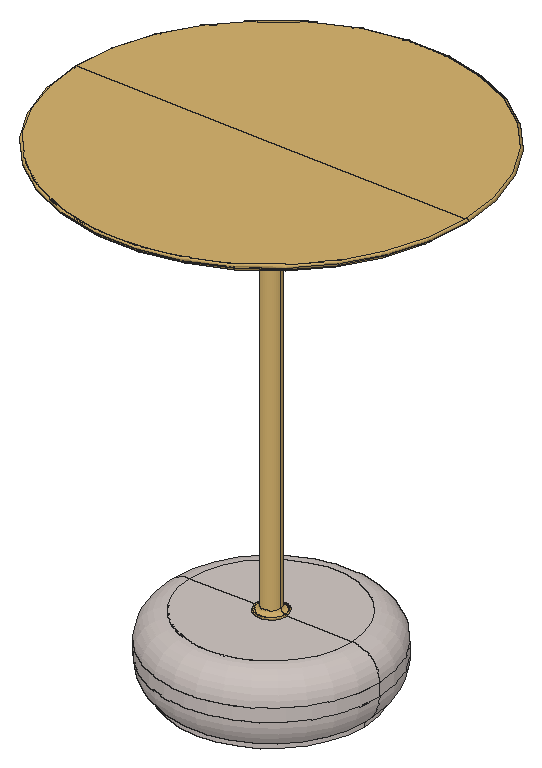
Revit family "DBLTD_TheSenatorGroup_OfficeTables_Batan_CompactPlinth_US", category Furniture, Revit 2021
Family settings
  OmniClass Number = 23.40.20.00
  OmniClass Title = General Furniture and Specialties
  Work Plane-Based = No
  Always vertical = Yes
  Cut with Voids When Loaded = No
  Shared = Yes
  Room Calculation Point = No
Parameters (values of type "Tall Brass 15.75” Dia")
  WorksurfaceArea = NominalWidth * NominalDepth  # 0.16 m²
  WarrantyStartDate [instance] = " "
  WarrantyGuarantorParts = "https://www.thesenatorgroup.com/"
  WarrantyGuarantorLabor = "https://www.thesenatorgroup.com/"
  WarrantyDurationUnit = "years"
  WarrantyDurationParts = "5"
  WarrantyDurationLabor = "5"
  WarrantyDescription = "Allermuir warrants that its manufactured products are free from manufacturing defects - in materials or workmanship - for a period of five (5) years.\r\nAllermuir will repair, or replace (at Allermuir’s sole discretion) with comparable free of charge materials/ components, any product/ component which fails under normal use in a single shift environment, as a result of a defect in the materials and/or workmanship.\r\n\r\nExceptions -\r\nNon-standard product - 2 years\r\nScreen-mounted Accessories/ Dry-wipe Boards - 2 years\r\nElectrical and/or electronic componentry - 2 years\r\n\r\nExclusions - Allermuir does not warrant:\r\nFailure due to normal “Wear and Tear”.\r\nNatural variations in appearance of wood - its grain, figure and colour.\r\nChanges in surface appearance resulting from exposure to light, and the natural ageing process of wood.\r\nChanges in surface appearance resulting from the misuse of cleaning materials and methods/ damage form sharp objects/ imprinting from writing implements.\r\nNatural variations in Leather - its marks, scars and wrinkles.\r\nProduct stored/ exposed to extreme operational conditions.\r\nConsumable components such as Fuses/ Lights/ lamps/ transformers/etc.\r\nOther Manufacturer’s product supplied by Allermuir (their own warranty shall apply where possible).\r\nNon-standard fabrics/ finishes or veneers used. Allermuir only checks the manufacturing quality of Customer’s\r\nOwn Material (COM) and provides no warranty for the finish/ fabric itself.\r\nProduct which has not been installed/ moved/ reconfigured by Allermuir approved personnel.\r\nAllermuir shall be under no liability whatsoever for any consequential damage, loss or other expenses whether arising out of contract, negligence or otherwise."
  Version = "1"
  Uniclass2015Version = "Products v1.15"
  Uniclass2015Title = "Office tables"
  Uniclass2015Code = "Pr_40_50_21_60"
  URL = "https://www.thesenatorgroup.com/"
  Type Comments = ModelReference  # "Tall Brass 15.75” Dia"
  TopThickness = 12.5 mm
  TagNumber [instance] = " "
  SustainabilityPerformance = "n/a"
  Size = "19.75” x 15.75” x 15.75”"
  Shape = "Rectangular"
  SerialNumber [instance] = " "
  Revision = ""
  ReplacementCost = "n/a"
  ProductInformation = "https://www.allermuir.com/us/products/tables-storage/batan"
  NumberOfChairs = 0
  NominalWidth = 400 mm
  NominalHeight = 500 mm
  NominalDepth = 400 mm
  Name = "Table"
  ModelReference = "Tall Brass 15.75” Dia"
  ModelNumber = "CPH16RDBRS"
  Model = ModelNumber  # "CPH16RDBRS"
  Material = "Top: Brass. Stem: Steel. Base: Concrete"
  ManufacturerURL = "https://www.thesenatorgroup.com/"
  ManufacturerName = "The Senator Group"
  Keynote = Category  # "Pr_40_50_21_60 Office tables"
  IsGlass = no
  IsBrass = yes
  InstallationDate [instance] = " "
  Grade = "n/a"
  Finish = "Top: Brass. Stem: Brass. Base: Concrete"
  Features = "n/a"
  ExpectedLife = "5"
  DurationUnit = "years"
  Cost = 0
  Constituents = "Base ,Stem, Top"
  Color = "Top: Brass. Stem: Brass. Base: Concrete"
  CodePerformance = "n/a"
  Category = "Pr_40_50_21_60 Office tables"
  Manufacturer = ManufacturerName  # "The Senator Group"
  Description = ModelReference  # "Tall Brass 15.75” Dia"
  Default Elevation = 0 mm
  BarCode [instance] = " "
  Author = "Diane Butterworth Ltd"
  AssetType = "Movable"
  AssetIdentifier [instance] = " "
  Assembly Code = "E2020200"
  AccessibilityPerformance = "n/a"
Types (4, lengths in mm): name | Type Comments | TopThickness | Size | NominalHeight | ModelReference | ModelNumber | Model | Material | IsGlass | IsBrass | Finish | Color | Description
  Low Glass 15.75” Dia | "Low Glass 15.75” Dia" | 15 | "15.75” x 15.75” x 15.75”" | 400 | "Low Glass 15.75” Dia" | "CPL16RDGLAS" | "CPL16RDGLAS" | "Top: Glass. Stem: Steel. Base: Concrete" | yes | no | "Top: Frosted Beige Glass. Stem: Brass. Base: Concrete" | "Top: Frosted Beige Glass. Stem: Brass. Base: Concrete" | "Low Glass 15.75” Dia"
  Tall Glass 15.75” Dia | "Tall Glass 15.75” Dia" | 15 | "19.75” x 15.75” x 15.75”" | 500 | "Tall Glass 15.75” Dia" | "CPH16RDGLS" | "CPH16RDGLS" | "Top: Glass. Stem: Steel. Base: Concrete" | yes | no | "Top: Frosted Beige Glass. Stem: Brass. Base: Concrete" | "Top: Frosted Beige Glass. Stem: Brass. Base: Concrete" | "Tall Glass 15.75” Dia"
  Low Brass 15.75” Dia | "Low Brass 15.75” Dia" | 12.5 | "15.75” x 15.75” x 15.75”" | 400 | "Low Brass 15.75” Dia" | "CPL16RDBRS" | "CPL16RDBRS" | "Top: Brass. Stem: Steel. Base: Concrete" | no | yes | "Top: Brass. Stem: Brass. Base: Concrete" | "Top: Brass. Stem: Brass. Base: Concrete" | "Low Brass 15.75” Dia"
  Tall Brass 15.75” Dia | "Tall Brass 15.75” Dia" | 12.5 | "19.75” x 15.75” x 15.75”" | 500 | "Tall Brass 15.75” Dia" | "CPH16RDBRS" | "CPH16RDBRS" | "Top: Brass. Stem: Steel. Base: Concrete" | no | yes | "Top: Brass. Stem: Brass. Base: Concrete" | "Top: Brass. Stem: Brass. Base: Concrete" | "Tall Brass 15.75” Dia"
Reference planes
  plane 1 "Center (Front/Back)": y = 0
  plane 2: z = 0
  plane 3 "Center (Left/Right)": x = 0
  plane 4: z = 500
  plane 5: z = 487.5
Forms (mm)
  Revolve 1, solid, material "DBLTD_TheSenatorGroup_Stone_Concrete"
    sketch origin (0, 0, 0) x (1, 0, 0) y (0, 0, 1)
      loop
        line (0, 2.198) -> (95.013, 2.198) -> (95.013, 6.658)
        arc (95.013, 6.658) -> (105.944, 18.521) -> (109.907, 34.158) r 32.834
        line (109.907, 34.158) -> (109.907, 47.158)
        arc (109.907, 47.158) -> (101.852, 66.603) -> (82.407, 74.658) r 27.5
        line (82.407, 74.658) -> (0, 74.658) -> (0, 2.198)
      axis (0, 74.658) -> (0, 2.198)
    angle from 0 to 360
  Revolve 2, solid, material "DBLTD_TheSenatorGroup_Metal_Brass"
    sketch origin (0, 0, 0) x (1, 0, 0) y (0, 0, 1)
      loop
        line (0, 74.698) -> (14.937, 74.698)
        arc (14.937, 74.698) -> (15.446, 75.207) -> (14.937, 75.716) r 0.509
        line (14.937, 75.716) -> (13.468, 75.716)
        arc (13.468, 75.716) -> (10.639, 76.888) -> (9.468, 79.716) r 4
        line (9.468, 79.716) -> (9.468, 487.5) -> (0, 487.5) -> (0, 74.698)
      axis (0, 74.698) -> (0, 487.5)
    angle from 0 to 360
  Revolve 3, solid, material "DBLTD_TheSenatorGroup_Metal_Brass", visible <- "IsBrass"
    sketch origin (0, 0, 165) x (1, 0, 0) y (0, 0, 1)
      loop
        line (0, 322.5) -> (178.428, 322.5)
        arc (178.428, 322.5) -> (188.201, 324.43) -> (196.508, 329.93) r 25.714
        line (196.508, 329.93) -> (198.958, 332.353)
        arc (198.958, 332.353) -> (199.301, 334.041) -> (197.871, 335) r 1.547
        line (197.871, 335) -> (0, 335) -> (0, 322.5)
      axis (0, 322.5) -> (0, 335)
    angle from 0 to 360
  Revolve 4, solid, material "DBLTD_TheSenatorGroup_Metal_Black"
    sketch origin (0, 89.977, 0) x (1, 0, 0) y (0, 0, 1)
      loop
        line (0, 2.198) -> (0, 0)
        arc (0, 0) -> (1.471, 0.666) -> (1.979, 2.198) r 2.012
        line (1.979, 2.198) -> (0, 2.198)
      axis (0, 0) -> (0, 2.198)
    angle from 0 to 360
  Revolve 5, solid, material "DBLTD_TheSenatorGroup_Metal_Black"
    sketch origin (63.623, 63.623, 0) x (0.707107, -0.707107, 0) y (0, 0, 1)
      loop
        line (0, 2.198) -> (0, 0)
        arc (0, 0) -> (1.471, 0.666) -> (1.979, 2.198) r 2.012
        line (1.979, 2.198) -> (0, 2.198)
      axis (0, 0) -> (0, 2.198)
    angle from 0 to 360
  Revolve 6, solid, material "DBLTD_TheSenatorGroup_Metal_Black"
    sketch origin (89.977, 0, 0) x (0, -1, 0) y (0, 0, 1)
      loop
        line (0, 2.198) -> (0, 0)
        arc (0, 0) -> (1.471, 0.666) -> (1.979, 2.198) r 2.012
        line (1.979, 2.198) -> (0, 2.198)
      axis (0, 0) -> (0, 2.198)
    angle from 0 to 360
  Revolve 7, solid, material "DBLTD_TheSenatorGroup_Metal_Black"
    sketch origin (63.623, -63.623, 0) x (-0.707107, -0.707107, 0) y (0, 0, 1)
      loop
        line (0, 2.198) -> (0, 0)
        arc (0, 0) -> (1.471, 0.666) -> (1.979, 2.198) r 2.012
        line (1.979, 2.198) -> (0, 2.198)
      axis (0, 0) -> (0, 2.198)
    angle from 0 to 360
  Revolve 8, solid, material "DBLTD_TheSenatorGroup_Metal_Black"
    sketch origin (0, -89.977, 0) x (-1, 0, 0) y (0, 0, 1)
      loop
        line (0, 2.198) -> (0, 0)
        arc (0, 0) -> (1.471, 0.666) -> (1.979, 2.198) r 2.012
        line (1.979, 2.198) -> (0, 2.198)
      axis (0, 0) -> (0, 2.198)
    angle from 0 to 360
  Revolve 9, solid, material "DBLTD_TheSenatorGroup_Metal_Black"
    sketch origin (-63.623, -63.623, 0) x (-0.707107, 0.707107, 0) y (0, 0, 1)
      loop
        line (0, 2.198) -> (0, 0)
        arc (0, 0) -> (1.471, 0.666) -> (1.979, 2.198) r 2.012
        line (1.979, 2.198) -> (0, 2.198)
      axis (0, 0) -> (0, 2.198)
    angle from 0 to 360
  Revolve 10, solid, material "DBLTD_TheSenatorGroup_Metal_Black"
    sketch origin (-89.977, 0, 0) x (0, 1, 0) y (0, 0, 1)
      loop
        line (0, 2.198) -> (0, 0)
        arc (0, 0) -> (1.471, 0.666) -> (1.979, 2.198) r 2.012
        line (1.979, 2.198) -> (0, 2.198)
      axis (0, 0) -> (0, 2.198)
    angle from 0 to 360
  Revolve 11, solid, material "DBLTD_TheSenatorGroup_Metal_Black"
    sketch origin (-63.623, 63.623, 0) x (0.707107, 0.707107, 0) y (0, 0, 1)
      loop
        line (0, 2.198) -> (0, 0)
        arc (0, 0) -> (1.471, 0.666) -> (1.979, 2.198) r 2.012
        line (1.979, 2.198) -> (0, 2.198)
      axis (0, 0) -> (0, 2.198)
    angle from 0 to 360
  Revolve 12, solid, material "DBLTD_TheSenatorGroup_Glass_Frosted_Beige", visible <- "IsGlass"
    sketch origin (-500, 0, -100.211) x (1, 0, 0) y (0, 0, 1)
      loop
        line (500, 585.211) -> (525, 585.211) -> (525, 588.211) -> (697.578, 588.211)
        arc (697.578, 588.211) -> (698.271, 588.498) -> (698.558, 589.192) r 0.98
        line (698.558, 589.192) -> (698.558, 599.211)
        arc (698.558, 599.211) -> (698.265, 599.918) -> (697.558, 600.211) r 1
        line (697.558, 600.211) -> (500, 600.211) -> (500, 585.211)
      axis (500, 585.211) -> (500, 600.211)
    angle from 0 to 360
  Revolve 13, solid, material "DBLTD_TheSenatorGroup_Metal_Brass", visible <- "IsBrass", not visible
    sketch origin (0, 0, 0) x (1, 0, 0) y (0, 0, 1)
      loop
        line (0, 322.5) -> (178.428, 322.5)
        arc (178.428, 322.5) -> (188.201, 324.43) -> (196.508, 329.93) r 25.714
        line (196.508, 329.93) -> (198.958, 332.353)
        arc (198.958, 332.353) -> (199.301, 334.041) -> (197.871, 335) r 1.547
        line (197.871, 335) -> (0, 335) -> (0, 322.5)
      axis (0, 322.5) -> (0, 335)
    angle from 0 to 360
  Revolve 14, solid, material "DBLTD_TheSenatorGroup_Glass_Frosted_Beige", visible <- "IsGlass", not visible
    sketch origin (-500, 0, 0) x (1, 0, 0) y (0, 0, 1)
      loop
        line (500, 585.211) -> (525, 585.211) -> (525, 588.211) -> (697.578, 588.211)
        arc (697.578, 588.211) -> (698.271, 588.498) -> (698.558, 589.192) r 0.98
        line (698.558, 589.192) -> (698.558, 599.211)
        arc (698.558, 599.211) -> (698.265, 599.918) -> (697.558, 600.211) r 1
        line (697.558, 600.211) -> (500, 600.211) -> (500, 585.211)
      axis (500, 585.211) -> (500, 600.211)
    angle from 0 to 360
Lines and regions (mm)
  symbolic lines
    curve 1: line (-195, 0, 500) -> (195, 0, 500)
    curve 3: line (25, 0, 500) -> (-25, 0, 500)
  symbolic lines, not visible
    curve 2: line (-195, 0, 335) -> (195, 0, 335)
    curve 4: line (25, 0, 600.211) -> (-25, 0, 600.211)
Dimensions and locks
  "NominalHeight": plane 4 to level
  "TopThickness": plane 4 to plane 5
  aligned and locked: level to plane 2
  aligned and locked: plane 5 to Revolve 2
  aligned and locked: curve 1 to plane 4
  aligned and locked: plane 4 to curve 3
Automatic sketch dimensions
  Revolve 1 sketch curve to plane 3 "Center (Left/Right)" = 0 mm  (x2)
  level to Revolve 1 sketch curve = 34.158 mm
  plane 3 "Center (Left/Right)" to Revolve 1 sketch curve = 77.072 mm
  Revolve 1 sketch curve to Revolve 1 sketch curve = 5.334 mm
  level to Revolve 1 sketch curve = 6.658 mm
  Revolve 1 sketch curve to Revolve 1 sketch curve = 17.94 mm
  level to Revolve 1 sketch curve = 2.198 mm
  Revolve 1 sketch curve to Revolve 1 sketch curve = 13 mm
  Revolve 1 sketch curve to level = 7.802 mm
  Revolve 1 sketch curve to Revolve 1 sketch curve = 5 mm
  Revolve 2 sketch curve to plane 3 "Center (Left/Right)" = 0 mm  (x2)
  plane 3 "Center (Left/Right)" to Revolve 2 sketch curve = 9.468 mm
  Revolve 2 sketch curve to Revolve 2 sketch curve = 4 mm
  Revolve 2 sketch curve to Revolve 2 sketch curve = 1.469 mm
  level to Revolve 2 sketch curve = 74.698 mm
  Revolve 2 sketch curve to Revolve 2 sketch curve = 0.509 mm
  Revolve 2 sketch curve to plane 4 = 12.5 mm
  Revolve 2 sketch curve to Revolve 2 sketch curve = 0.627 mm
  Revolve 2 sketch curve to Revolve 2 sketch curve = 0.787 mm
  Revolve 3 sketch curve to Revolve 3 sketch curve = 18.08 mm
  Revolve 3 sketch curve to Revolve 3 sketch curve = 1.363 mm
  Revolve 3 sketch curve to Revolve 3 sketch curve = 1.088 mm
  Revolve 3 sketch curve to Revolve 3 sketch curve = 1.1 mm
  Revolve 3 sketch curve to Revolve 3 sketch curve = 1.095 mm
  Revolve 3 sketch curve to Revolve 3 sketch curve = 1.889 mm
  Revolve 4 sketch curve to Revolve 4 sketch curve = 1.979 mm
  Revolve 4 sketch curve to Revolve 4 sketch curve = 0.566 mm
  Revolve 4 sketch curve to Revolve 4 sketch curve = 0.895 mm
  Revolve 4 sketch curve to Revolve 4 sketch curve = 0.025 mm
  Revolve 4 sketch curve to Revolve 4 sketch curve = 2.012 mm
  Revolve 4 sketch curve to Revolve 4 sketch curve = 0 mm
  Revolve 5 sketch curve to Revolve 5 sketch curve = 1.979 mm
  Revolve 5 sketch curve to Revolve 5 sketch curve = 0.566 mm
  Revolve 5 sketch curve to Revolve 5 sketch curve = 0.895 mm
  Revolve 5 sketch curve to Revolve 5 sketch curve = 0.025 mm
  Revolve 5 sketch curve to Revolve 5 sketch curve = 2.012 mm
  Revolve 5 sketch curve to Revolve 5 sketch curve = 0 mm
  Revolve 6 sketch curve to Revolve 6 sketch curve = 1.979 mm
  Revolve 6 sketch curve to Revolve 6 sketch curve = 0.566 mm
  Revolve 6 sketch curve to Revolve 6 sketch curve = 0.895 mm
  Revolve 6 sketch curve to Revolve 6 sketch curve = 0.025 mm
  Revolve 6 sketch curve to Revolve 6 sketch curve = 2.012 mm
  Revolve 6 sketch curve to Revolve 6 sketch curve = 0 mm
  Revolve 7 sketch curve to Revolve 7 sketch curve = 1.979 mm
  Revolve 7 sketch curve to Revolve 7 sketch curve = 0.566 mm
  Revolve 7 sketch curve to Revolve 7 sketch curve = 0.895 mm
  Revolve 7 sketch curve to Revolve 7 sketch curve = 0.025 mm
  Revolve 7 sketch curve to Revolve 7 sketch curve = 2.012 mm
  Revolve 7 sketch curve to Revolve 7 sketch curve = 0 mm
  Revolve 8 sketch curve to Revolve 8 sketch curve = 1.979 mm
  Revolve 8 sketch curve to Revolve 8 sketch curve = 0.566 mm
  Revolve 8 sketch curve to Revolve 8 sketch curve = 0.895 mm
  Revolve 8 sketch curve to Revolve 8 sketch curve = 0.025 mm
  Revolve 8 sketch curve to Revolve 8 sketch curve = 2.012 mm
  Revolve 8 sketch curve to Revolve 8 sketch curve = 0 mm
  Revolve 9 sketch curve to Revolve 9 sketch curve = 1.979 mm
  Revolve 9 sketch curve to Revolve 9 sketch curve = 0.566 mm
  Revolve 9 sketch curve to Revolve 9 sketch curve = 0.895 mm
  Revolve 9 sketch curve to Revolve 9 sketch curve = 0.025 mm
  Revolve 9 sketch curve to Revolve 9 sketch curve = 2.012 mm
  Revolve 9 sketch curve to Revolve 9 sketch curve = 0 mm
  Revolve 10 sketch curve to Revolve 10 sketch curve = 1.979 mm
  Revolve 10 sketch curve to Revolve 10 sketch curve = 0.566 mm
  Revolve 10 sketch curve to Revolve 10 sketch curve = 0.895 mm
  Revolve 10 sketch curve to Revolve 10 sketch curve = 0.025 mm
  Revolve 10 sketch curve to Revolve 10 sketch curve = 2.012 mm
  Revolve 10 sketch curve to Revolve 10 sketch curve = 0 mm
  Revolve 11 sketch curve to Revolve 11 sketch curve = 1.979 mm
  Revolve 11 sketch curve to Revolve 11 sketch curve = 0.566 mm
  Revolve 11 sketch curve to Revolve 11 sketch curve = 0.895 mm
  Revolve 11 sketch curve to Revolve 11 sketch curve = 0.025 mm
  Revolve 11 sketch curve to Revolve 11 sketch curve = 2.012 mm
  Revolve 11 sketch curve to Revolve 11 sketch curve = 0 mm
  Revolve 12 sketch curve to Revolve 12 sketch curve = 25 mm
  Revolve 12 sketch curve to Revolve 12 sketch curve = 172.558 mm
  Revolve 12 sketch curve to Revolve 12 sketch curve = 0.02 mm
  Revolve 12 sketch curve to Revolve 12 sketch curve = 1 mm
  Revolve 12 sketch curve to Revolve 12 sketch curve = 10.02 mm
  Revolve 12 sketch curve to Revolve 12 sketch curve = 3 mm
  Revolve 12 sketch curve to Revolve 12 sketch curve = 0 mm
  Revolve 12 sketch curve to Revolve 12 sketch curve = 7.5 mm
  Revolve 12 sketch curve to Revolve 12 sketch curve = 4.679 mm
  Revolve 4 sketch curve to level = 0 mm
  Revolve 4 sketch curve to plane 3 "Center (Left/Right)" = 0 mm
  Revolve 5 sketch curve to level = 0 mm
  Revolve 6 sketch curve to level = 0 mm
  Revolve 6 sketch curve to plane 1 "Center (Front/Back)" = 0 mm
  level to Revolve 7 sketch curve = 0 mm
  Revolve 8 sketch curve to level = 0 mm
  Revolve 8 sketch curve to plane 3 "Center (Left/Right)" = 0 mm
  level to Revolve 9 sketch curve = 0 mm
  Revolve 10 sketch curve to level = 0 mm
  Revolve 10 sketch curve to plane 1 "Center (Front/Back)" = 0 mm
  Revolve 11 sketch curve to level = 0 mm
  Revolve 3 sketch curve to Revolve 3 sketch curve = 178.428 mm
  Revolve 3 sketch curve to Revolve 3 sketch curve = 7.43 mm
  Revolve 3 sketch curve to Revolve 3 sketch curve = 2.423 mm
  Revolve 3 sketch curve to Revolve 3 sketch curve = 0 mm
  Revolve 13 sketch curve to Revolve 13 sketch curve = 18.08 mm
  Revolve 13 sketch curve to Revolve 13 sketch curve = 1.363 mm
  Revolve 13 sketch curve to Revolve 13 sketch curve = 1.088 mm
  Revolve 13 sketch curve to Revolve 13 sketch curve = 1.1 mm
  Revolve 13 sketch curve to Revolve 13 sketch curve = 1.095 mm
  Revolve 13 sketch curve to Revolve 13 sketch curve = 1.889 mm
  Revolve 13 sketch curve to Revolve 13 sketch curve = 178.428 mm
  Revolve 13 sketch curve to Revolve 13 sketch curve = 7.43 mm
  Revolve 13 sketch curve to Revolve 13 sketch curve = 2.423 mm
  Revolve 13 sketch curve to Revolve 13 sketch curve = 0 mm
  curve 1 to curve 1 = 390 mm
  curve 2 to curve 2 = 390 mm
  Revolve 14 sketch curve to Revolve 14 sketch curve = 25 mm
  Revolve 14 sketch curve to Revolve 14 sketch curve = 172.558 mm
  Revolve 14 sketch curve to Revolve 14 sketch curve = 0.02 mm
  Revolve 14 sketch curve to Revolve 14 sketch curve = 1 mm
  Revolve 14 sketch curve to Revolve 14 sketch curve = 10.02 mm
  Revolve 14 sketch curve to Revolve 14 sketch curve = 3 mm
  Revolve 14 sketch curve to Revolve 14 sketch curve = 0 mm
  Revolve 14 sketch curve to Revolve 14 sketch curve = 7.5 mm
  Revolve 14 sketch curve to Revolve 14 sketch curve = 4.679 mm
  curve 3 to curve 3 = 50 mm
  curve 4 to curve 4 = 50 mm
